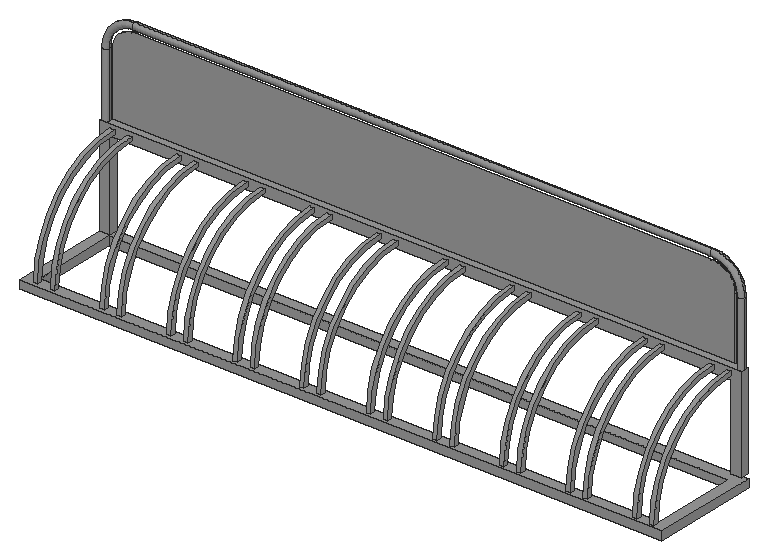
Revit family "12147 Велопарковка VELO-15 Хоббика", category Антураж, Revit 2018
Family settings
  На основе рабочей плоскости = Нет
  Всегда вертикально = Да
  При загрузке вырезать с полостями = Нет
  Источник визуального образа = Геометрия семейства
  Общий = Нет
  Точка расчета площади = Нет
Parameters (values of type "10 мест ПВХ")
  Ширина = 505 mm  # constant formula
  Цвет каркаса = Сталь
  Описание = if([6 мест], "Велопарковка VELO-15. Версия 6 мест", if([10 мест], "Велопарковка VELO-15. Версия 10 мест", "Велопарковка VELO-15. Версия 10 мест с ПВХ панелью"))  # "Велопарковка VELO-15. Версия 10 мест с ПВХ панелью"
  Материал изделия = if([10 мест ПВХ], "Сталь, ПВХ", "Сталь")  # "Сталь, ПВХ"
  Кол-во мест = if([6 мест], 6, 10)  # 10
  Изображение типоразмера = Велопарковка VELO-15 Арт 12147.jpg
  Изготовитель = "ООО «Хоббика»"  # constant formula
  Длина = if([6 мест], 1755 mm, 3010 mm)  # 3010 mm
  Группа модели = "Велопарковки"  # constant formula
  Высота = 960 mm  # constant formula
  Артикул товара = "Арт. 12147"  # constant formula
  URL = "https://hobbyka.ru/product/veloparkovka_velo15/"
  6 мест = no
  10 мест ПВХ = not(or([6 мест], [10 мест]))  # yes
  10 мест = no
Types (4, lengths in mm): name | Описание | Материал изделия | Кол-во мест | Длина | 6 мест | 10 мест ПВХ | 10 мест
  (no name) | "Велопарковка VELO-15. Версия 10 мест с ПВХ панелью" | "Сталь, ПВХ" | 10 | 3010 | no | yes | no
  6 мест | "Велопарковка VELO-15. Версия 6 мест" | "Сталь" | 6 | 1755 | yes | no | no
  10 мест | "Велопарковка VELO-15. Версия 10 мест" | "Сталь" | 10 | 3010 | no | no | yes
  10 мест ПВХ | "Велопарковка VELO-15. Версия 10 мест с ПВХ панелью" | "Сталь, ПВХ" | 10 | 3010 | no | yes | no
Reference planes
  plane 1 "По центру (Вперед/Назад)": y = 0
  plane 2: z = 0
  plane 3 "По центру (Влево/Вправо)": x = 0
  plane 4: x = 3010
  plane 5: y = 505
  plane 6: z = 960
Forms (mm)
  Extrusion 1, solid, material "Сталь" <- "Цвет каркаса"
    sketch origin (0, 0, 0) x (1, 0, 0) y (0, 1, 0)
      loop
        line (2960, 455) -> (50, 455) -> (50, 50) -> (2960, 50) -> (2960, 455)
      loop
        line (3010, 505) -> (0, 505) -> (0, 0) -> (3010, 0) -> (3010, 505)
    from 0 to 40
  Extrusion 2, solid, material "Сталь" <- "Цвет каркаса"
    sketch origin (0, 0, 0) x (1, 0, 0) y (0, 0, 1)
      loop
        line (0, 40) -> (50, 40) -> (50, 455) -> (2960, 455) -> (2960, 60) -> (3010, 60) -> (3010, 505) -> (0, 505) -> (0, 40)
    from -505 to -465
  Sweep 3, solid, material "Сталь" <- "Цвет каркаса"
    path origin (0, 0, 0) x (1, 0, 0) y (0, 0, 1)
      loop
        line (3010, 505) -> (3010, 810)
        arc (3010, 810) -> (2966.066, 916.066) -> (2860, 960) r 150
        line (2860, 960) -> (150, 960)
        arc (150, 960) -> (43.934, 916.066) -> (0, 810) r 150
        line (0, 810) -> (0, 505)
    profile origin (1505, 0, 960) x (0, 0, 1) y (0, -1, 0)
      loop
        circle (-15, -485) r 15
  Extrusion 4, solid, material "Пластик"
    sketch origin (0, 0, 0) x (1, 0, 0) y (0, 0, 1)
      loop
        arc (2965, 810) -> (2934.246, 884.246) -> (2860, 915) r 105
        line (2860, 915) -> (150, 915)
        arc (150, 915) -> (75.754, 884.246) -> (45, 810) r 105
        line (45, 810) -> (45, 520) -> (2965, 520) -> (2965, 810)
    from -484 to -486
Dimensions and locks
  "Длина": plane 3 "По центру (Влево/Вправо)" to plane 4
  "Ширина": plane 5 to plane 1 "По центру (Вперед/Назад)"
  Extrusion 1 sketch curve to Extrusion 1 sketch curve = 50 mm  (x2)
  "Высота": plane 6 to plane 2
  locked: Extrusion 2 sketch curve to plane 3 "По центру (Влево/Вправо)" at 50
  locked: Extrusion 2 sketch curve to plane 4 at 50
  equal spacing: group 1, group 3, group 4, group 5, group 6, group 7, group 8, group 9, group 10, group 2  (x3)
  locked: plane 3 "По центру (Влево/Вправо)" to Extrusion 4 sketch curve at 45
  locked: Extrusion 4 sketch curve to plane 4 at 45
  aligned and locked: level to plane 2
  aligned and locked: plane 1 "По центру (Вперед/Назад)" to nested 1
  aligned and locked: Sweep 3 sketch curve to plane 3 "По центру (Влево/Вправо)"
  aligned and locked: Sweep 3 sketch curve to plane 4
  aligned and locked: Sweep 3 sketch curve to plane 6
  aligned and locked: nested 2 to Extrusion 1
Automatic sketch dimensions
  plane 3 "По центру (Влево/Вправо)" to Extrusion 1 sketch curve = 50 mm
  Extrusion 1 sketch curve to plane 1 "По центру (Вперед/Назад)" = 50 mm
  Extrusion 1 sketch curve to plane 4 = 50 mm
  Extrusion 1 sketch curve to plane 5 = 50 mm
  Extrusion 1 sketch curve to Extrusion 1 sketch curve = 50 mm  (x2)
  Extrusion 2 sketch curve to plane 3 "По центру (Влево/Вправо)" = 0 mm
  Extrusion 2 sketch curve to plane 4 = 0 mm
  level to Extrusion 2 sketch curve = 60 mm
  Extrusion 2 sketch curve to Extrusion 2 sketch curve = 395 mm
  Extrusion 2 sketch curve to Extrusion 2 sketch curve = 50 mm
  level to Extrusion 2 sketch curve = 40 mm
  plane 3 "По центру (Влево/Вправо)" to Sweep 3 sketch curve = 150 mm
  Sweep 3 sketch curve to Sweep 3 sketch curve = 150 mm
  Sweep 3 sketch curve to Sweep 3 sketch curve = 305 mm  (x2)
  profile plane to Sweep 3 sketch curve = 15 mm
  Sweep 3 sketch curve to plane 1 "По центру (Вперед/Назад)" = 485 mm
  Extrusion 4 sketch curve to Extrusion 4 sketch curve = 105 mm  (x2)
  Extrusion 4 sketch curve to Extrusion 4 sketch curve = 290 mm
  Extrusion 4 sketch curve to plane 6 = 45 mm
  radius of Sweep 3 sketch curve = 15 mm
Nested families
  nested 1: "Велопарковка VELO-15 12147 опора" at (100, 0, 0), type "Велопарковка VELO-15 12147 опора"
  nested 2: "Велопарковка VELO-15 12147 опора" at (2910, 0, 0), type "Велопарковка VELO-15 12147 опора"
  nested 3: "Велопарковка VELO-15 12147 опора" at (412.222, 0, 0), type "Велопарковка VELO-15 12147 опора"
  nested 4: "Велопарковка VELO-15 12147 опора" at (724.444, 0, 0), type "Велопарковка VELO-15 12147 опора"
  nested 5: "Велопарковка VELO-15 12147 опора" at (1036.667, 0, 0), type "Велопарковка VELO-15 12147 опора"
  nested 6: "Велопарковка VELO-15 12147 опора" at (1348.889, 0, 0), type "Велопарковка VELO-15 12147 опора"
  nested 7: "Велопарковка VELO-15 12147 опора" at (1661.111, 0, 0), type "Велопарковка VELO-15 12147 опора"
  nested 8: "Велопарковка VELO-15 12147 опора" at (1973.333, 0, 0), type "Велопарковка VELO-15 12147 опора"
  nested 9: "Велопарковка VELO-15 12147 опора" at (2285.556, 0, 0), type "Велопарковка VELO-15 12147 опора"
  nested 10: "Велопарковка VELO-15 12147 опора" at (2597.778, 0, 0), type "Велопарковка VELO-15 12147 опора"
Definition of nested family "Велопарковка VELO-15 12147 опора"
  Parameters (values of type "Велопарковка VELO-15 12147 опора")
    Цвет каркаса = none
    Height = 0 mm
  Reference planes
    plane 1 "По центру (Вперед/Назад)": y = 0
    plane 2: z = 0
    plane 3 "По центру (Влево/Вправо)": x = 0
  Forms (mm)
    Extrusion 1, solid, material <- "Цвет каркаса"
      sketch origin (0, 0, 0) x (0, 1, 0) y (0, 0, 1)
        loop
          arc (465, 490) -> (146.802, 358.198) -> (15, 40) r 450
          line (15, 40) -> (35, 40)
          arc (35, 40) -> (160.944, 344.056) -> (465, 470) r 430
          line (465, 470) -> (465, 490)
      from -50 to -30
    Extrusion 2, solid, material <- "Цвет каркаса"
      sketch origin (0, 0, 0) x (0, 1, 0) y (0, 0, 1)
        loop
          arc (465, 490) -> (146.802, 358.198) -> (15, 40) r 450
          line (15, 40) -> (35, 40)
          arc (35, 40) -> (160.944, 344.056) -> (465, 470) r 430
          line (465, 470) -> (465, 490)
      from 30 to 50
  Dimensions and locks
    aligned and locked: level to plane 2
